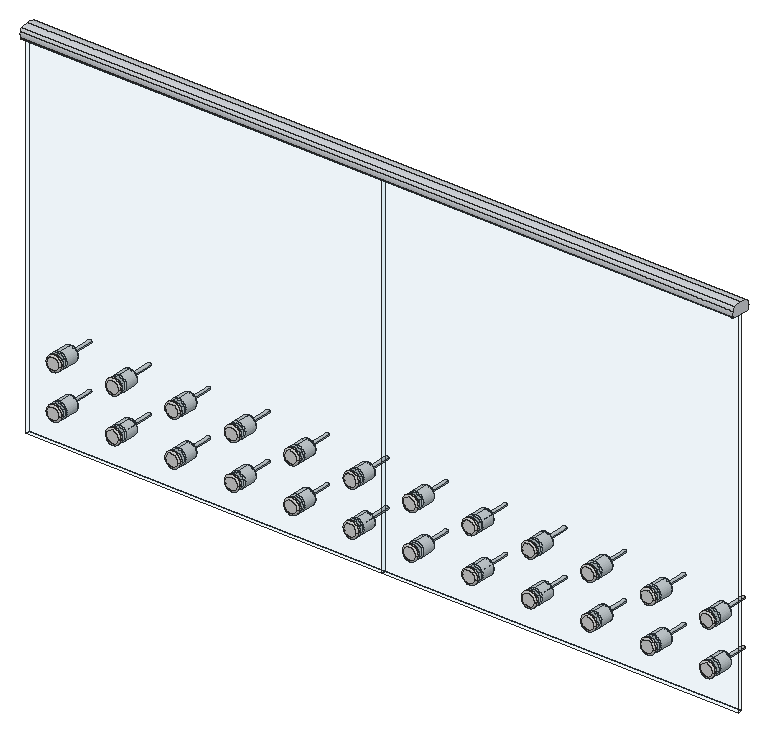
Revit family "ARENA POINTS", category Generic Models, Revit 2020
Family settings
  Can host rebar = No
  Round Connector Dimension = Use Diameter
  Part Type = Normal
  Work Plane-Based = No
  Always vertical = Yes
  Cut with Voids When Loaded = No
  Shared = No
  Room Calculation Point = No
Parameters (values of type "Arena (VRT Top rail)")
  hand rail height = 850 mm
  VRT(Side fix) = no
  VRT (Top rail) = yes
  VRR (Top rail) = no
  VRR (Side fix) = no
  VRE (Top rail) = no
  VRE (Side fix) = no
  URL = "WWW.UNEX.CO.NZ"
  Spacer Depth = 50 mm
  Panel Size = C2C / Panel QTY  # 1200 mm
  Panel QTY = roundup(C2C / Max Panel Size)  # 2
  PRR(Side fix) = no
  PRR (Top Rail) = no
  Model = "UNEX, ARENA POINTS SIDE FIX (VRT)"
  Max Panel Size = 1400 mm
  Manufacturer = "UNEX SYSTEMS"
  Length = 2500 mm
  LRS (Top rail) = no
  LRR ( Side fix Round hand rail) = no
  Keynote = "UNEX SYSTEMS, ARENA POINTS SIDE FIX BALUSTRADE"
  Hand rail space = Panel Size - 200 mm  # 1000 mm
  Hand rail brackets = no
  Hand rail QTY = Panel QTY  # 2
  Glass Thickness = 15 mm
  Glass Height = 1200 mm
  Fixing Height = 247.326 mm
  End gap = 50 mm
  Description = "UNEX ARENA POINTS FRAMELESS GLASS WITH VRT TOP RAIL"
  Default Elevation = 0 mm
  C2C = Length - End gap * 2  # 2400 mm
  Arena points total = Arena QTY per panel * Panel QTY  # 12
  Arena QTY per panel = Panel Size / 200 mm  # 6
  ART (side fix) = no
  ART (Top rail) = no
  ARN (Top rail) = no
  ARENA POINT GAP = 130 mm
Reference planes
  plane 1 "Center (Front/Back)": y = 0
  plane 2: z = 0
  plane 3 "Center (Left/Right)": x = 0
  plane 4: y = -15
  plane 5: z = 1200
  plane 6: x = 2450
  plane 7: y = 50
  plane 8: x = -50
  plane 9: x = 2400
  plane 10: x = 100
  plane 11: z = 100
  plane 12: z = 250
  plane 13: x = 1200
  plane 14: x = 2300
  plane 15: z = 1100
  plane 16: x = 1100
  plane 17: x = 1300
  plane 18: y = -7.5
  plane 19: y = 65.305
Forms (mm)
  Extrusion 1, solid, material "Glass"
    sketch origin (66.667, 0, 9.933) x (1, 0, 0) y (0, 0, 1)
      loop
        line (-66.667, 1190.067) -> (-66.667, -9.933) -> (1133.333, -9.933) -> (1133.333, 1190.067) -> (-66.667, 1190.067)
    from 0 to 15
  Extrusion 2, solid, not visible
    sketch origin (0, 0, 0) x (1, 0, 0) y (0, 0, 1)
      loop
        circle (100, 227.326) r 20
    from -50 to 35
  Extrusion 3, solid, material "Glass"
    sketch origin (1266.667, 0, 9.933) x (1, 0, 0) y (0, 0, 1)
      loop
        line (-66.667, 1190.067) -> (-66.667, -9.933) -> (1133.333, -9.933) -> (1133.333, 1190.067) -> (-66.667, 1190.067)
    from 0 to 15
Lines and regions (mm)
  reference lines, not visible
    curve 1: line (100, 0, 253.554) -> (100, 0, 213.554)
  reference lines
    curve 2: line (80, 0, 100) -> (120, 0, 100)
Dimensions and locks
  "Glass Thickness": plane 1 "Center (Front/Back)" to plane 4
  "Glass Height": plane 5 to level
  "Spacer Depth": plane 7 to plane 1 "Center (Front/Back)"
  "End gap": plane 3 "Center (Left/Right)" to plane 8
  "End gap": plane 6 to plane 9
  "Length": plane 6 to plane 8
  locked: Extrusion 1 to nested 1 at 100
  nested 1 to level = 250 mm
  nested 2 to level = 100 mm
  locked: Extrusion 1 to plane 10 at 100
  plane 11 to level = 100 mm
  plane 12 to level = 250 mm
  "Panel Size": plane 13 to plane 3 "Center (Left/Right)"
  equal spacing: group 2, group 4, group 5, group 6, group 7, group 8, group 9, group 10, group 11, group 22, group 23, group 3  (x3)
  locked: plane 9 to plane 14 at 100
  "Panel Size": Extrusion 1 sketch curve to Extrusion 1 sketch curve
  "Glass Height": Extrusion 1 sketch curve to Extrusion 1 sketch curve
  "Panel Size": Extrusion 3 sketch curve to Extrusion 3 sketch curve
  "Glass Height": Extrusion 3 sketch curve to Extrusion 3 sketch curve
  group 12 to group 13 = 1200 mm
  group 12 to group 13 = 0 mm  (x2)
  "hand rail height": plane 15 to plane 12
  locked: Extrusion 3 to plane 14 at 100
  "Hand rail space": plane 10 to plane 16
  "Hand rail space": plane 14 to plane 17
  group 14 to group 20 = 1200 mm
  group 14 to group 20 = 0 mm  (x2)
  group 19 to group 21 = 1200 mm
  group 19 to group 21 = 0 mm  (x2)
  locked: Extrusion 3 to nested 32 at 65
  aligned and locked: level to plane 2
  aligned and locked: plane 4 to Extrusion 1
  aligned and locked: plane 5 to Extrusion 1
  aligned and locked: Extrusion 1 to nested 1
  aligned and locked: Extrusion 1 to nested 2
  aligned and locked: curve 2 to plane 11
  aligned and locked: plane 12 to nested 1
  aligned and locked: plane 14 to nested 3
  aligned and locked: Extrusion 1 to plane 3 "Center (Left/Right)"
  aligned and locked: plane 9 to Extrusion 3
  aligned and locked: Extrusion 3 to level
  aligned and locked: plane 15 to nested 21
  aligned and locked: nested 21 to plane 10
  aligned and locked: nested 21 to plane 15
  aligned and locked: plane 15 to nested 25
  aligned and locked: plane 16 to nested 25
  aligned and locked: plane 15 to nested 26
  aligned and locked: plane 17 to nested 26
  aligned and locked: nested 27 to plane 14
  aligned and locked: plane 15 to nested 27
  aligned and locked: plane 3 "Center (Left/Right)" to nested 32
  aligned and locked: nested 32 to plane 9
  aligned and locked: nested 32 to plane 15
  aligned and locked: plane 3 "Center (Left/Right)" to nested 33
  aligned and locked: plane 9 to nested 33
  aligned and locked: nested 33 to plane 5
  aligned and locked: plane 18 to nested 33
  aligned and locked: plane 3 "Center (Left/Right)" to nested 34
  aligned and locked: plane 9 to nested 34
  aligned and locked: nested 34 to plane 18
  aligned and locked: nested 34 to plane 5
  aligned and locked: plane 3 "Center (Left/Right)" to nested 35
  aligned and locked: nested 35 to plane 5
  aligned and locked: plane 18 to nested 35
  aligned and locked: plane 9 to nested 35
  aligned and locked: plane 3 "Center (Left/Right)" to nested 36
  aligned and locked: nested 36 to plane 9
  aligned and locked: nested 36 to plane 18
  aligned and locked: nested 36 to Extrusion 1
  aligned and locked: nested 37 to plane 9
  aligned and locked: plane 3 "Center (Left/Right)" to nested 37
  aligned and locked: nested 37 to plane 5
  aligned and locked: nested 37 to plane 18
  aligned and locked: plane 3 "Center (Left/Right)" to nested 38
  aligned and locked: plane 9 to nested 38
  aligned and locked: plane 18 to nested 38
  aligned and locked: nested 38 to plane 5
  aligned and locked: nested 39 to plane 5
  aligned and locked: nested 39 to plane 18
  aligned and locked: plane 3 "Center (Left/Right)" to nested 39
  aligned and locked: nested 39 to plane 9
  aligned and locked: plane 3 "Center (Left/Right)" to nested 41
  aligned and locked: plane 9 to nested 41
  aligned and locked: nested 41 to plane 15
  aligned and locked: plane 3 "Center (Left/Right)" to nested 42
  aligned and locked: plane 9 to nested 42
  aligned and locked: nested 42 to plane 15
  aligned and locked: plane 19 to nested 42
  aligned and locked: plane 3 "Center (Left/Right)" to nested 43
  aligned and locked: nested 43 to plane 9
  aligned and locked: nested 43 to plane 19
  aligned and locked: nested 43 to plane 15
  aligned and locked: plane 3 "Center (Left/Right)" to nested 44
  aligned and locked: nested 44 to plane 9
  aligned and locked: nested 44 to plane 19
  aligned and locked: nested 44 to plane 15
  aligned and locked: plane 3 "Center (Left/Right)" to nested 45
  aligned and locked: plane 9 to nested 45
  aligned and locked: nested 45 to plane 15
  aligned and locked: plane 19 to nested 45
Automatic sketch dimensions
  plane 3 "Center (Left/Right)" to curve 2 = 80 mm
  curve 2 to curve 2 = 40 mm
  radius of Extrusion 2 sketch curve = 20 mm
Nested families
  nested 1: "ARENA POINT SS" at (100, -15, 50.465), type "ARENA POINT SS"
  nested 2: "ARENA POINT SS" at (100, -15, -99.535), type "ARENA POINT SS"
  nested 3: "ARENA POINT SS" at (2300, -15, 50.465), type "ARENA POINT SS"
  nested 4: "ARENA POINT SS" at (2300, -15, -99.535), type "ARENA POINT SS"
  nested 5: "ARENA POINT SS" at (300, -15, 50.465), type "ARENA POINT SS"
  nested 6: "ARENA POINT SS" at (300, -15, -99.535), type "ARENA POINT SS"
  nested 7: "ARENA POINT SS" at (500, -15, 50.465), type "ARENA POINT SS"
  nested 8: "ARENA POINT SS" at (500, -15, -99.535), type "ARENA POINT SS"
  nested 9: "ARENA POINT SS" at (700, -15, 50.465), type "ARENA POINT SS"
  nested 10: "ARENA POINT SS" at (700, -15, -99.535), type "ARENA POINT SS"
  nested 11: "ARENA POINT SS" at (900, -15, 50.465), type "ARENA POINT SS"
  nested 12: "ARENA POINT SS" at (900, -15, -99.535), type "ARENA POINT SS"
  nested 13: "ARENA POINT SS" at (1100, -15, 50.465), type "ARENA POINT SS"
  nested 14: "ARENA POINT SS" at (1100, -15, -99.535), type "ARENA POINT SS"
  nested 15: "ARENA POINT SS" at (1300, -15, 50.465), type "ARENA POINT SS"
  nested 16: "ARENA POINT SS" at (1300, -15, -99.535), type "ARENA POINT SS"
  nested 17: "ARENA POINT SS" at (1500, -15, 50.465), type "ARENA POINT SS"
  nested 18: "ARENA POINT SS" at (1500, -15, -99.535), type "ARENA POINT SS"
  nested 19: "ARENA POINT SS" at (1700, -15, 50.465), type "ARENA POINT SS"
  nested 20: "ARENA POINT SS" at (1700, -15, -99.535), type "ARENA POINT SS"
  nested 21: "Leader bracket glass" at (100, 0, 1026.448) x (0, -1, 0) z (0, 0, 1), visible <- "Hand rail brackets", type "Leader bracket glass"
    with Hand rail bracket no
  nested 22: "Leader bracket glass" at (2300, 0, 1026.448) x (0, -1, 0) z (0, 0, 1), visible <- "Hand rail brackets", type "Leader bracket glass", not visible
    with Hand rail bracket no
  nested 23: "Leader bracket glass" at (1100, 0, 1026.448) x (0, -1, 0) z (0, 0, 1), visible <- "Hand rail brackets", type "Leader bracket glass", not visible
    with Hand rail bracket no
  nested 24: "Leader bracket glass" at (100, 0, 1026.448) x (0, -1, 0) z (0, 0, 1), visible <- "Hand rail brackets", type "Leader bracket glass", not visible
    with Hand rail bracket no
  nested 25: "Leader bracket glass" at (1100, 0, 1026.448) x (0, -1, 0) z (0, 0, 1), visible <- "Hand rail brackets", type "Leader bracket glass"
    with Hand rail bracket no
  nested 26: "Leader bracket glass" at (1300, 0, 1026.448) x (0, -1, 0) z (0, 0, 1), visible <- "Hand rail brackets", type "Leader bracket glass"
    with Hand rail bracket no
  nested 27: "Leader bracket glass" at (2300, 0, 1026.448) x (0, -1, 0) z (0, 0, 1), visible <- "Hand rail brackets", type "Leader bracket glass"
    with Hand rail bracket no
  nested 28: "ARENA POINT SS" at (1900, -15, 50.465), type "ARENA POINT SS"
  nested 29: "ARENA POINT SS" at (1900, -15, -99.535), type "ARENA POINT SS"
  nested 30: "ARENA POINT SS" at (2100, -15, 50.465), type "ARENA POINT SS"
  nested 31: "ARENA POINT SS" at (2100, -15, -99.535), type "ARENA POINT SS"
  nested 32: "LLR Hand rail" at (0, 65, 82.792), visible <- "LRR ( Side fix Round hand rail)", type "LLR Hand rail"
    with Length 2400 mm, LLR (Round hand rail) no
  nested 33: "ARN for Arena points" at (0, -7.5, 1171.203), visible <- "ARN (Top rail)", type "ARN for Arena points"
    with Length 2400 mm, ARN Top Rail no
  nested 34: "ART TOP RAIL" at (0, -7.5, 1080), visible <- "ART (Top rail)", type "ART TOP RAIL"
    with Length 2400 mm, ART TOP RAIL no
  nested 35: "PRR TOP RAIL" at (0, -7.5, 1199.705), visible <- "PRR (Top Rail)", type "PRR TOP RAIL"
    with Length 2400 mm, PRR TOP RAIL no
  nested 36: "VRE TOP RAIL" at (0, -7.5, 1199.719) x (0, 1, 0) z (0, 0, 1), visible <- "VRE (Top rail)", type "VRE TOP RAIL"
    with Length 2400 mm, VRE TOP RAIL no
  nested 37: "VRR TOP RAIL" at (0, -7.5, 1187.559) x (0, 1, 0) z (0, 0, 1), visible <- "VRR (Top rail)", type "VRR TOP RAIL"
    with Length 2400 mm, VRR TOP RAIL no
  nested 38: "VRT TOP RAIL" at (0, -7.5, 1196.024), visible <- "VRT (Top rail)", type "VRT TOP RAIL"
    with Length 2400 mm
  nested 39: "LRS Hand rail" at (0, -7.5, 163.239), visible <- "LRS (Top rail)", type "LRS Hand rail"
    with Length 2400 mm, LLR (Round hand rail) no
  nested 40: "ART TOP RAIL" at (2800, -2955, 0), visible <- "ART (side fix)", type "ART TOP RAIL"
    with Length 500 mm, ART TOP RAIL no
  nested 41: "ART Side RAIL" at (0, 67.5, 980), visible <- "ART (side fix)", type "ART Side RAIL"
    with Length 2400 mm, ART TOP RAIL no
  nested 42: "PRR Side rail" at (0, 65.305, 1099.705), visible <- "PRR(Side fix)", type "PRR Side rail"
    with Length 2400 mm, PRR TOP RAIL no
  nested 43: "VRE SIDE RAIL" at (0, 65.305, 1099.719) x (0, 1, 0) z (0, 0, 1), visible <- "VRE (Side fix)", type "VRE SIDE RAIL"
    with Length 2400 mm, VRE TOP RAIL no
  nested 44: "VRR SIDE RAIL" at (0, 65.305, 1087.559) x (0, 1, 0) z (0, 0, 1), visible <- "VRR (Side fix)", type "VRR SIDE RAIL"
    with Length 2400 mm, VRR TOP RAIL no
  nested 45: "VRT SIDE RAIL" at (0, 65.305, 1096.024), visible <- "VRT(Side fix)", type "VRT SIDE RAIL"
    with Length 2400 mm, VRT TOP RAIL no
Definition of nested family "ARENA POINT SS"
  Parameters
    Spacer deepth = 50 mm
    Glass thickness = 15 mm
    Embedment = 80 mm
    Default Elevation = 0 mm
  Reference planes
    plane 1 "Center (Front/Back)": y = 0
    plane 2: z = 0
    plane 3 "Center (Left/Right)": x = 0
    plane 4 "FACE ARENA POINT": y = -10
    plane 5 "Back of glass": y = 15
    plane 6: z = 199.535
    plane 7: z = 249.535
    plane 8: z = 149.535
    plane 9 "MID": y = -8
    plane 10 "Back of Spacer": y = 65
    plane 11: y = 145
  Forms (mm)
    Extrusion 1, solid
      sketch origin (-435.11, 0, -32.471) x (1, 0, 0) y (0, 0, 1)
        loop
          circle (435.11, 232.005) r 25
      from 0 to 10
    Sweep 2, void
      path in 3D
        loop
          arc (25, -10, 199.535) -> (0, -10, 174.535) -> (-25, -10, 199.535) r 25
          arc (-25, -10, 199.535) -> (0, -10, 224.535) -> (25, -10, 199.535) r 25
      profile origin (0, -10, 224.535) x (0, 0, 1) y (0, -1, 0)
        loop
          line (0, 0) -> (-4.103, 0)
          arc (-4.103, 0) -> (-1.202, -1.202) -> (0, -4.103) r 4.103
          line (0, -4.103) -> (0, 0)
    Extrusion 3, solid
      sketch origin (0, 15, 0) x (0, 0, 1) y (-1, 0, 0)
        loop
          circle (199.028, 0) r 25.437
      from 0 to -50
    Sweep 4, void
      path in 3D
        loop
          arc (0, 15, 173.591) -> (-25.437, 15, 199.028) -> (0, 15, 224.465) r 25.437
          arc (0, 15, 224.465) -> (25.437, 15, 199.028) -> (0, 15, 173.591) r 25.437
      profile origin (25.437, 15, 199.028) x (0, -1, 0) y (1, 0, 0)
        loop
          line (0, 0) -> (-2.624, 0)
          arc (-2.624, 0) -> (-1.066, -0.812) -> (0, -2.209) r 4.046
          line (0, -2.209) -> (0, 0)
    Sweep 5, void
      path in 3D
        loop
          arc (0, 65, 173.591) -> (25.437, 65, 199.028) -> (0, 65, 224.465) r 25.437
          arc (0, 65, 224.465) -> (-25.437, 65, 199.028) -> (0, 65, 173.591) r 25.437
      profile origin (-25.437, 65, 199.028) x (0, 1, 0) y (-1, 0, 0)
        loop
          line (0, 0) -> (-4, 0)
          arc (-4, 0) -> (-1.172, -1.172) -> (0, -4) r 4
          line (0, -4) -> (0, 0)
    Extrusion 6, solid
      sketch origin (0, 0, 0) x (1, 0, 0) y (0, 0, 1)
        loop
          circle (0, 199.535) r 5
      from 0 to -145
  Cuts and joins
    Sweep 2 cuts Extrusion 1
    Sweep 4, Sweep 5 cuts Extrusion 3
  Lines and regions (mm)
    reference lines
      curve 1: line (0, 0, 249.535) -> (0, 0, 149.535)
      curve 2: line (-72.937, 0, 199.028) -> (27.063, 0, 199.028)
    sketch lines
      curve 3: arc (-25, -10, 199.535) -> (0, -10, 224.535) -> (25, -10, 199.535) r 25
      curve 4: arc (25, -10, 199.535) -> (0, -10, 174.535) -> (-25, -10, 199.535) r 25
      curve 5: arc (0, 15, 224.465) -> (25.437, 15, 199.028) -> (0, 15, 173.591) r 25.437
      curve 6: arc (0, 15, 173.591) -> (-25.437, 15, 199.028) -> (0, 15, 224.465) r 25.437
      curve 7: arc (0, 65, 224.465) -> (-25.437, 65, 199.028) -> (0, 65, 173.591) r 25.437
      curve 8: arc (0, 65, 173.591) -> (25.437, 65, 199.028) -> (0, 65, 224.465) r 25.437
  Dimensions and locks
    plane 1 "Center (Front/Back)" to plane 4 "FACE ARENA POINT" = 10 mm
    "Glass thickness": plane 5 "Back of glass" to plane 1 "Center (Front/Back)"
    cut or joined group of Extrusion 1, Sweep 2 to curve 2 = 25.506 mm
    curve 1 to cut or joined group of Extrusion 1, Sweep 2 = 25 mm
    "Spacer deepth": plane 10 "Back of Spacer" to plane 5 "Back of glass"
    "Embedment": plane 11 to plane 10 "Back of Spacer"
    aligned and locked: level to plane 2
    aligned and locked: plane 4 "FACE ARENA POINT" to Extrusion 1
    aligned and locked: Extrusion 1 to plane 1 "Center (Front/Back)"
    aligned and locked: Extrusion 3 to plane 10 "Back of Spacer"
    aligned and locked: Extrusion 6 to cut or joined group of Extrusion 1, Sweep 2
    aligned and locked: Extrusion 6 to plane 11
  Automatic sketch dimensions
    Extrusion 1 sketch curve to plane 3 "Center (Left/Right)" = 0 mm
    Extrusion 1 sketch curve to plane 6 = 0 mm
    curve 1 to plane 3 "Center (Left/Right)" = 0 mm
    curve 1 to plane 8 = 0 mm
    curve 1 to plane 7 = 0 mm
    curve 2 to plane 6 = 0.506 mm
    curve 2 to plane 3 "Center (Left/Right)" = 72.937 mm
    plane 3 "Center (Left/Right)" to curve 2 = 27.063 mm
    Sweep 2 sketch curve to profile plane = 0 mm
    profile plane to Sweep 2 sketch curve = 0 mm
    profile plane to Sweep 2 sketch curve = 4.103 mm
    Extrusion 3 sketch curve to plane 3 "Center (Left/Right)" = 0 mm
    Extrusion 3 sketch curve to plane 6 = 0.506 mm
    Sweep 4 sketch curve to profile plane = 0 mm
    profile plane to Sweep 4 sketch curve = 0 mm
    Sweep 4 sketch curve to profile plane = 3.672 mm
    profile plane to Sweep 4 sketch curve = 3.908 mm
    Sweep 4 sketch curve to profile plane = 2.624 mm
    Sweep 5 sketch curve to profile plane = 0 mm  (x2)
    profile plane to Sweep 5 sketch curve = 4 mm
    Extrusion 6 sketch curve to plane 3 "Center (Left/Right)" = 0 mm
    Extrusion 6 sketch curve to plane 6 = 0 mm
    radius of Extrusion 1 sketch curve = 25 mm
    radius of Extrusion 3 sketch curve = 25.437 mm
    radius of Extrusion 6 sketch curve = 5 mm
Definition of nested family "VRT TOP RAIL"
  Parameters (values of type "VRT TOP RAIL")
    VRT TOP RAIL = yes
    Length [instance] = 500 mm
    Default Elevation = 0 mm
  Reference planes
    plane 1 "Center (Front/Back)": y = 0
    plane 2: z = 0
    plane 3 "Center (Left/Right)": x = 0
    plane 4: x = 500
  Forms (mm)
    Extrusion 1, solid, visible <- "VRT TOP RAIL"
      sketch origin (0, 0, 0) x (0, 1, 0) y (0, 0, 1)
        loop
          arc (27.348, 36.161) -> (13.913, 40.274) -> (-0.09, 41.433) r 65.633
          arc (-0.09, 41.433) -> (-12.442, 39.949) -> (-24.291, 36.161) r 65.633
          arc (-24.291, 36.161) -> (-27.669, 31.422) -> (-29.647, 25.948) r 21.42
          arc (-29.647, 25.948) -> (-30.392, 16.537) -> (-28.667, 7.255) r 36.031
          arc (-28.667, 7.255) -> (-27.781, 5.058) -> (-25.673, 3.976) r 3.392
          line (-25.673, 3.976) -> (28.021, 3.976)
          arc (28.021, 3.976) -> (30.646, 5.01) -> (31.859, 7.557) r 3.847
          arc (31.859, 7.557) -> (33.314, 15.72) -> (33.016, 24.005) r 39.136
          arc (33.016, 24.005) -> (31.083, 30.503) -> (27.348, 36.161) r 23.118
      from 0 to 500
    Sweep 2, void
      path in 3D
        loop
          arc (500, -0.09, 41.433) -> (500, 13.913, 40.274) -> (500, 27.348, 36.161) r 65.633
          arc (500, 27.348, 36.161) -> (500, 31.083, 30.503) -> (500, 33.016, 24.005) r 23.118
          arc (500, 33.016, 24.005) -> (500, 33.314, 15.72) -> (500, 31.859, 7.557) r 39.136
          arc (500, 31.859, 7.557) -> (500, 30.646, 5.01) -> (500, 28.021, 3.976) r 3.847
          line (500, 28.021, 3.976) -> (500, -25.673, 3.976)
          arc (500, -25.673, 3.976) -> (500, -27.781, 5.058) -> (500, -28.667, 7.255) r 3.392
          arc (500, -28.667, 7.255) -> (500, -30.392, 16.537) -> (500, -29.647, 25.948) r 36.031
          arc (500, -29.647, 25.948) -> (500, -27.669, 31.422) -> (500, -24.291, 36.161) r 21.42
          arc (500, -24.291, 36.161) -> (500, -12.442, 39.949) -> (500, -0.09, 41.433) r 65.633
      profile origin (500, -12.442, 39.949) x (0, -0.212847, 0.977085) y (1, 0, 0)
        loop
          line (0, 0) -> (-2.5, 0)
          arc (-2.5, 0) -> (-0.732, -0.732) -> (0, -2.5) r 2.5
          line (0, -2.5) -> (0, 0)
  Lines and regions (mm)
    sketch lines
      curve 1: arc (500, -24.291, 36.161) -> (500, -12.442, 39.949) -> (500, -0.09, 41.433) r 65.633
      curve 2: arc (500, -0.09, 41.433) -> (500, 13.913, 40.274) -> (500, 27.348, 36.161) r 65.633
      curve 3: arc (500, 27.348, 36.161) -> (500, 31.083, 30.503) -> (500, 33.016, 24.005) r 23.118
      curve 4: arc (500, 33.016, 24.005) -> (500, 33.314, 15.72) -> (500, 31.859, 7.557) r 39.136
      curve 5: arc (500, 31.859, 7.557) -> (500, 30.646, 5.01) -> (500, 28.021, 3.976) r 3.847
      curve 6: line (500, -25.673, 3.976) -> (500, 28.021, 3.976)
      curve 7: arc (500, -25.673, 3.976) -> (500, -27.781, 5.058) -> (500, -28.667, 7.255) r 3.392
      curve 8: arc (500, -28.667, 7.255) -> (500, -30.392, 16.537) -> (500, -29.647, 25.948) r 36.031
      curve 9: arc (500, -29.647, 25.948) -> (500, -27.669, 31.422) -> (500, -24.291, 36.161) r 21.42
  Dimensions and locks
    "Length": plane 3 "Center (Left/Right)" to plane 4
    aligned and locked: level to plane 2
    aligned and locked: plane 4 to Extrusion 1
    aligned and locked: Extrusion 1 to plane 3 "Center (Left/Right)"
  Automatic sketch dimensions
    Extrusion 1 sketch curve to Extrusion 1 sketch curve = 0 mm  (x3)
    level to Extrusion 1 sketch curve = 3.976 mm
    plane 1 "Center (Front/Back)" to Extrusion 1 sketch curve = 25.673 mm
    Extrusion 1 sketch curve to Extrusion 1 sketch curve = 0.397 mm
    plane 1 "Center (Front/Back)" to Extrusion 1 sketch curve = 8.7 mm
    Extrusion 1 sketch curve to Extrusion 1 sketch curve = 2.974 mm
    Extrusion 1 sketch curve to plane 1 "Center (Front/Back)" = 1.528 mm
    Extrusion 1 sketch curve to plane 1 "Center (Front/Back)" = 5.59 mm
    Extrusion 1 sketch curve to Extrusion 1 sketch curve = 4.541 mm
    level to Extrusion 1 sketch curve = 7.823 mm
    Extrusion 1 sketch curve to Extrusion 1 sketch curve = 17.89 mm
    Extrusion 1 sketch curve to level = 24.18 mm
    Extrusion 1 sketch curve to Extrusion 1 sketch curve = 3.369 mm
    level to Extrusion 1 sketch curve = 18.422 mm
    Extrusion 1 sketch curve to Extrusion 1 sketch curve = 0.044 mm
    Extrusion 1 sketch curve to Extrusion 1 sketch curve = 2.311 mm
    Extrusion 1 sketch curve to Extrusion 1 sketch curve = 3.008 mm
    Extrusion 1 sketch curve to Extrusion 1 sketch curve = 3.391 mm
    Extrusion 1 sketch curve to Extrusion 1 sketch curve = 5.356 mm
    plane 1 "Center (Front/Back)" to Extrusion 1 sketch curve = 0.09 mm
    Extrusion 1 sketch curve to Extrusion 1 sketch curve = 17.217 mm
    Extrusion 1 sketch curve to Extrusion 1 sketch curve = 3.838 mm
    Sweep 2 sketch curve to profile plane = 0 mm  (x4)
    profile plane to Sweep 2 sketch curve = 2.5 mm
    Sweep 2 sketch curve to Sweep 2 sketch curve = 0 mm  (x2)
Definition of nested family "LLR Hand rail"
  Parameters (values of type "LLR Hand rail")
    Length [instance] = 760 mm
    LLR (Round hand rail) = yes
    Default Elevation = 0 mm
  Reference planes
    plane 1 "Center (Front/Back)": y = 0
    plane 2: z = 0
    plane 3 "Center (Left/Right)": x = 0
    plane 4: x = 760
  Forms (mm)
    Extrusion 1, solid, visible <- "LLR (Round hand rail)"
      sketch origin (0, 0, 0) x (0, 1, 0) y (0, 0, 1)
        loop
          arc (6.105, 1017.208) -> (0.196, 1060.4) -> (-5.713, 1017.208) r 22
          line (-5.713, 1017.208) -> (6.105, 1017.208)
      from 0 to 760
  Dimensions and locks
    "Length": plane 4 to plane 3 "Center (Left/Right)"
    aligned and locked: level to plane 2
    aligned and locked: Extrusion 1 to plane 4
  Automatic sketch dimensions
    Extrusion 1 sketch curve to plane 1 "Center (Front/Back)" = 0.196 mm
    level to Extrusion 1 sketch curve = 1038.4 mm
    plane 1 "Center (Front/Back)" to Extrusion 1 sketch curve = 5.713 mm
    Extrusion 1 sketch curve to Extrusion 1 sketch curve = 21.192 mm
Definition of nested family "ARN for Arena points"
  Parameters (values of type "ARN for Arena points")
    Length [instance] = 275 mm
    Default Elevation = 0 mm
    ARN Top Rail = yes
  Reference planes
    plane 1 "Center (Front/Back)": y = 0
    plane 2: z = 0
    plane 3 "Center (Left/Right)": x = 0
    plane 4 "Rear of ARN": x = 275
  Forms (mm)
    Extrusion 1, solid, visible <- "ARN Top Rail"
      sketch origin (0, 0, 102.077) x (0, -1, 0) y (0, 0, -1)
        loop
          line (15.698, 99.61) -> (12.306, 99.61)
          arc (12.306, 99.61) -> (11.535, 99.29) -> (11.216, 98.52) r 1.09
          line (11.216, 98.52) -> (11.216, 94.113)
          arc (11.216, 94.113) -> (11.69, 92.628) -> (12.937, 91.693) r 2.563
          line (12.937, 91.693) -> (15.624, 91.693)
          arc (15.624, 91.693) -> (15.879, 85.301) -> (15.624, 78.91) r 80.068
          arc (15.624, 78.91) -> (13.975, 74.929) -> (9.994, 73.28) r 5.63
          line (9.994, 73.28) -> (-0.234, 73.28) -> (-9.994, 73.28)
          arc (-9.994, 73.28) -> (-13.975, 74.929) -> (-15.624, 78.91) r 5.63
          arc (-15.624, 78.91) -> (-15.879, 85.301) -> (-15.624, 91.693) r 80.068
          line (-15.624, 91.693) -> (-12.937, 91.693)
          arc (-12.937, 91.693) -> (-11.69, 92.628) -> (-11.216, 94.113) r 2.563
          line (-11.216, 94.113) -> (-11.216, 98.52)
          arc (-11.216, 98.52) -> (-11.535, 99.29) -> (-12.306, 99.61) r 1.09
          line (-12.306, 99.61) -> (-15.698, 99.61)
          arc (-15.698, 99.61) -> (-17.79, 98.743) -> (-18.657, 96.65) r 2.96
          arc (-18.657, 96.65) -> (-19.427, 85.107) -> (-18.604, 73.567) r 84.017
          arc (-18.604, 73.567) -> (-17.056, 70.493) -> (-13.71, 69.686) r 4.094
          line (-13.71, 69.686) -> (0.097, 69.686) -> (13.71, 69.686)
          arc (13.71, 69.686) -> (17.056, 70.493) -> (18.604, 73.567) r 4.094
          arc (18.604, 73.567) -> (19.427, 85.107) -> (18.657, 96.65) r 84.017
          arc (18.657, 96.65) -> (17.79, 98.743) -> (15.698, 99.61) r 2.96
      from 0 to 275
    Extrusion 2, solid, visible <- "ARN Top Rail"
      sketch origin (0, 0, 32.39) x (0, -1, 0) y (0, 0, -1)
        loop
          arc (11.216, 30.022) -> (7.104, 31.809) -> (8.604, 27.584) r 2.444
          line (8.604, 27.584) -> (8.604, 19.457) -> (14.256, 19.457)
          arc (14.256, 19.457) -> (15.53, 20.731) -> (14.256, 22.005) r 1.274
          line (14.256, 22.005) -> (11.216, 22.005) -> (11.216, 30.022)
      from 0 to 275
    Extrusion 3, solid, visible <- "ARN Top Rail"
      sketch origin (0, 0, 32.39) x (0, 1, 0) y (0, 0, 1)
        loop
          line (11.216, -30.022) -> (11.216, -22.005) -> (14.256, -22.005)
          arc (14.256, -22.005) -> (15.53, -20.731) -> (14.256, -19.457) r 1.274
          line (14.256, -19.457) -> (8.604, -19.457) -> (8.604, -27.584)
          arc (8.604, -27.584) -> (7.104, -31.809) -> (11.216, -30.022) r 2.444
      from 0 to 275
    Extrusion 4, solid, visible <- "ARN Top Rail"
      sketch origin (0, 0, 32.39) x (0, -1, 0) y (0, 0, -1)
        loop
          arc (18.604, 3.879) -> (19.427, 15.419) -> (18.657, 26.962) r 84.017
          arc (18.657, 26.962) -> (17.79, 29.055) -> (15.698, 29.922) r 2.96
          line (15.698, 29.922) -> (-15.698, 29.922)
          arc (-15.698, 29.922) -> (-17.79, 29.055) -> (-18.657, 26.962) r 2.96
          arc (-18.657, 26.962) -> (-19.427, 15.419) -> (-18.604, 3.879) r 84.017
          arc (-18.604, 3.879) -> (-17.056, 0.805) -> (-13.71, -0.001) r 4.094
          line (-13.71, -0.001) -> (13.71, -0.001)
          arc (13.71, -0.001) -> (17.056, 0.805) -> (18.604, 3.879) r 4.094
      from 0 to -3
    Extrusion 5, solid, visible <- "ARN Top Rail"
      sketch origin (275, 0, 32.39) x (0, 0, -1) y (0, 1, 0)
        loop
          arc (29.922, 15.698) -> (29.055, 17.79) -> (26.962, 18.657) r 2.96
          arc (26.962, 18.657) -> (15.419, 19.427) -> (3.879, 18.604) r 84.017
          arc (3.879, 18.604) -> (0.805, 17.056) -> (-0.001, 13.71) r 4.094
          line (-0.001, 13.71) -> (-0.001, -15.316)
          arc (-0.001, -15.316) -> (1.366, -17.636) -> (3.879, -18.604) r 4.094
          arc (3.879, -18.604) -> (15.419, -19.427) -> (26.962, -18.657) r 84.017
          arc (26.962, -18.657) -> (29.055, -17.79) -> (29.922, -15.698) r 2.96
          line (29.922, -15.698) -> (29.922, 15.698)
      from 0 to 3
  Dimensions and locks
    "Length": plane 4 "Rear of ARN" to plane 3 "Center (Left/Right)"
    aligned and locked: level to plane 2
    aligned and locked: Extrusion 2 sketch curve to Extrusion 1  (x2)
    aligned and locked: Extrusion 3 to Extrusion 1  (x2)
    aligned and locked: plane 4 "Rear of ARN" to Extrusion 1
    aligned and locked: plane 4 "Rear of ARN" to Extrusion 3
    aligned and locked: plane 4 "Rear of ARN" to Extrusion 2
  Automatic sketch dimensions
    level to Extrusion 1 sketch curve = 16.779 mm
    Extrusion 1 sketch curve to plane 1 "Center (Front/Back)" = 64.59 mm
    Extrusion 1 sketch curve to Extrusion 1 sketch curve = 0.401 mm  (x2)
    level to Extrusion 1 sketch curve = 5.427 mm
    Extrusion 1 sketch curve to plane 1 "Center (Front/Back)" = 15.698 mm
    Extrusion 1 sketch curve to Extrusion 1 sketch curve = 0.074 mm
    Extrusion 1 sketch curve to plane 1 "Center (Front/Back)" = 14.513 mm
    Extrusion 1 sketch curve to Extrusion 1 sketch curve = 1.845 mm
    Extrusion 1 sketch curve to Extrusion 1 sketch curve = 0.842 mm  (x2)
    Extrusion 1 sketch curve to Extrusion 1 sketch curve = 3.392 mm  (x2)
    Extrusion 1 sketch curve to Extrusion 1 sketch curve = 1.09 mm  (x2)
    Extrusion 1 sketch curve to Extrusion 1 sketch curve = 4.519 mm  (x2)
    Extrusion 1 sketch curve to plane 1 "Center (Front/Back)" = 0.234 mm
    plane 1 "Center (Front/Back)" to Extrusion 1 sketch curve = 0.097 mm
    plane 1 "Center (Front/Back)" to Extrusion 1 sketch curve = 9.994 mm
    plane 1 "Center (Front/Back)" to Extrusion 1 sketch curve = 11.216 mm
    Extrusion 1 sketch curve to Extrusion 1 sketch curve = 1.721 mm
    Extrusion 1 sketch curve to Extrusion 1 sketch curve = 2.687 mm
    level to Extrusion 1 sketch curve = 16.776 mm
    Extrusion 1 sketch curve to Extrusion 1 sketch curve = 48.565 mm
    Extrusion 1 sketch curve to Extrusion 1 sketch curve = 0.002 mm  (x2)
    Extrusion 1 sketch curve to Extrusion 1 sketch curve = 17.74 mm
    Extrusion 1 sketch curve to Extrusion 1 sketch curve = 0 mm
    Extrusion 1 sketch curve to Extrusion 1 sketch curve = 5.21 mm  (x2)
    Extrusion 1 sketch curve to Extrusion 1 sketch curve = 0.42 mm
    Extrusion 1 sketch curve to Extrusion 1 sketch curve = 3.594 mm
    Extrusion 1 sketch curve to Extrusion 1 sketch curve = 2.537 mm
    level to Extrusion 1 sketch curve = 3.558 mm  (x2)
    Extrusion 1 sketch curve to Extrusion 1 sketch curve = 4.091 mm
    Extrusion 1 sketch curve to Extrusion 1 sketch curve = 0.803 mm
    Extrusion 2 sketch curve to Extrusion 2 sketch curve = 2.444 mm
    Extrusion 2 sketch curve to Extrusion 2 sketch curve = 2.612 mm
    Extrusion 2 sketch curve to Extrusion 2 sketch curve = 3.04 mm
    Extrusion 2 sketch curve to Extrusion 2 sketch curve = 1.274 mm
    level to Extrusion 2 sketch curve = 4.806 mm
    plane 1 "Center (Front/Back)" to Extrusion 3 sketch curve = 8.604 mm
    Extrusion 3 sketch curve to Extrusion 3 sketch curve = 0.168 mm
    Extrusion 3 sketch curve to Extrusion 3 sketch curve = 2.612 mm
    Extrusion 3 sketch curve to Extrusion 3 sketch curve = 3.04 mm
    Extrusion 3 sketch curve to level = 12.933 mm
    Extrusion 3 sketch curve to Extrusion 3 sketch curve = 1.274 mm
    Extrusion 3 sketch curve to level = 4.806 mm
    level to Extrusion 4 sketch curve = 16.779 mm  (x2)
    Extrusion 4 sketch curve to plane 1 "Center (Front/Back)" = 64.59 mm
    level to Extrusion 4 sketch curve = 2.468 mm
    Extrusion 4 sketch curve to plane 1 "Center (Front/Back)" = 15.698 mm
    Extrusion 4 sketch curve to plane 1 "Center (Front/Back)" = 14.513 mm
    Extrusion 4 sketch curve to Extrusion 4 sketch curve = 0.803 mm  (x2)
    plane 1 "Center (Front/Back)" to Extrusion 4 sketch curve = 13.71 mm
    level to Extrusion 4 sketch curve = 5.427 mm
    plane 1 "Center (Front/Back)" to Extrusion 4 sketch curve = 15.698 mm
    Extrusion 4 sketch curve to Extrusion 4 sketch curve = 45.933 mm
    Extrusion 4 sketch curve to Extrusion 4 sketch curve = 25.909 mm
    Extrusion 4 sketch curve to Extrusion 4 sketch curve = 22.95 mm
    Extrusion 4 sketch curve to Extrusion 4 sketch curve = 4.014 mm
    Extrusion 4 sketch curve to Extrusion 4 sketch curve = 2.96 mm
    plane 1 "Center (Front/Back)" to Extrusion 5 sketch curve = 15.316 mm
    level to Extrusion 5 sketch curve = 32.391 mm
    Extrusion 5 sketch curve to Extrusion 5 sketch curve = 4.014 mm  (x2)
    level to Extrusion 5 sketch curve = 16.779 mm  (x2)
    level to Extrusion 5 sketch curve = 5.427 mm  (x2)
    level to Extrusion 5 sketch curve = 2.468 mm
    plane 1 "Center (Front/Back)" to Extrusion 5 sketch curve = 15.698 mm
    Extrusion 5 sketch curve to Extrusion 5 sketch curve = 45.933 mm  (x2)
    Extrusion 5 sketch curve to Extrusion 5 sketch curve = 0.803 mm  (x2)
    Extrusion 5 sketch curve to plane 1 "Center (Front/Back)" = 13.71 mm
    Extrusion 5 sketch curve to plane 1 "Center (Front/Back)" = 15.698 mm
Definition of nested family "ART TOP RAIL"
  Parameters (values of type "ART TOP RAIL")
    Length [instance] = 500 mm
    Default Elevation = 0 mm
    ART TOP RAIL = yes
  Reference planes
    plane 1 "Center (Front/Back)": y = 0
    plane 2: z = 0
    plane 3 "Center (Left/Right)": x = 0
    plane 4: x = 500
  Forms (mm)
    Extrusion 1, solid, visible <- "ART TOP RAIL"
      sketch origin (0, 0, 96.171) x (0, 1, 0) y (0, 0, 1)
        loop
          arc (38.175, 37.309) -> (-2.586, 49.823) -> (-43.078, 36.466) r 70.267
          arc (-43.078, 36.466) -> (-44.561, 33.559) -> (-43.078, 30.652) r 3.59
          arc (-43.078, 30.652) -> (-36.808, 26.768) -> (-30.044, 23.829) r 51.019
          line (-30.044, 23.829) -> (25.48, 23.829)
          arc (25.48, 23.829) -> (32.062, 26.453) -> (38.175, 30.038) r 46.894
          arc (38.175, 30.038) -> (40.078, 33.674) -> (38.175, 37.309) r 4.423
      from 0 to 500
    Sweep 2, void
      path in 3D
        loop
          arc (500, 38.175, 133.48) -> (500, 40.078, 129.845) -> (500, 38.175, 126.209) r 4.423
          arc (500, 38.175, 126.209) -> (500, 32.062, 122.624) -> (500, 25.48, 120) r 46.894
          line (500, 25.48, 120) -> (500, -30.044, 120)
          arc (500, -30.044, 120) -> (500, -36.808, 122.939) -> (500, -43.078, 126.822) r 51.019
          arc (500, -43.078, 126.822) -> (500, -44.561, 129.729) -> (500, -43.078, 132.637) r 3.59
          arc (500, -43.078, 132.637) -> (500, -2.586, 145.994) -> (500, 38.175, 133.48) r 70.267
      profile origin (500, -2.586, 145.994) x (0, -0.01038, 0.999946) y (1, 0, 0)
        loop
          line (0, 0) -> (-1.984, 0)
          arc (-1.984, 0) -> (-0.581, -0.581) -> (0, -1.984) r 1.984
          line (0, -1.984) -> (0, 0)
    Sweep 3, void
      path in 3D
        loop
          arc (0, -43.078, 132.637) -> (0, -44.561, 129.729) -> (0, -43.078, 126.822) r 3.59
          arc (0, -43.078, 126.822) -> (0, -36.808, 122.939) -> (0, -30.044, 120) r 51.019
          line (0, -30.044, 120) -> (0, 25.48, 120)
          arc (0, 25.48, 120) -> (0, 32.062, 122.624) -> (0, 38.175, 126.209) r 46.894
          arc (0, 38.175, 126.209) -> (0, 40.078, 129.845) -> (0, 38.175, 133.48) r 4.423
          arc (0, 38.175, 133.48) -> (0, -2.586, 145.994) -> (0, -43.078, 132.637) r 70.267
      profile origin (0, -2.586, 145.994) x (0, -0.01038, 0.999946) y (-1, 0, 0)
        loop
          line (0, 0) -> (-2, 0)
          arc (-2, 0) -> (-0.586, -0.586) -> (0, -2) r 2
          line (0, -2) -> (0, 0)
  Cuts and joins
    Sweep 2, Sweep 3 cuts Extrusion 1
  Lines and regions (mm)
    sketch lines
      curve 1: arc (500, -43.078, 132.637) -> (500, -2.586, 145.994) -> (500, 38.175, 133.48) r 70.267
      curve 2: arc (500, -43.078, 126.822) -> (500, -44.561, 129.729) -> (500, -43.078, 132.637) r 3.59
      curve 3: arc (500, -30.044, 120) -> (500, -36.808, 122.939) -> (500, -43.078, 126.822) r 51.019
      curve 4: line (500, -30.044, 120) -> (500, 25.48, 120)
      curve 5: arc (500, 38.175, 126.209) -> (500, 32.062, 122.624) -> (500, 25.48, 120) r 46.894
      curve 6: arc (500, 38.175, 133.48) -> (500, 40.078, 129.845) -> (500, 38.175, 126.209) r 4.423
      curve 7: arc (0, 38.175, 133.48) -> (0, -2.586, 145.994) -> (0, -43.078, 132.637) r 70.267
      curve 8: arc (0, -43.078, 132.637) -> (0, -44.561, 129.729) -> (0, -43.078, 126.822) r 3.59
      curve 9: arc (0, -43.078, 126.822) -> (0, -36.808, 122.939) -> (0, -30.044, 120) r 51.019
      curve 10: line (0, 25.48, 120) -> (0, -30.044, 120)
      curve 11: arc (0, 25.48, 120) -> (0, 32.062, 122.624) -> (0, 38.175, 126.209) r 46.894
      curve 12: arc (0, 38.175, 126.209) -> (0, 40.078, 129.845) -> (0, 38.175, 133.48) r 4.423
  Dimensions and locks
    "Length": plane 3 "Center (Left/Right)" to plane 4
    aligned and locked: level to plane 2
    aligned and locked: plane 4 to Extrusion 1
    aligned and locked: Extrusion 1 to plane 3 "Center (Left/Right)"
  Automatic sketch dimensions
    plane 1 "Center (Front/Back)" to Extrusion 1 sketch curve = 40.972 mm
    Extrusion 1 sketch curve to Extrusion 1 sketch curve = 10.928 mm
    plane 1 "Center (Front/Back)" to Extrusion 1 sketch curve = 13.148 mm
    plane 1 "Center (Front/Back)" to Extrusion 1 sketch curve = 1.856 mm
    Extrusion 1 sketch curve to plane 1 "Center (Front/Back)" = 11.459 mm
    Extrusion 1 sketch curve to plane 1 "Center (Front/Back)" = 25.48 mm
    Extrusion 1 sketch curve to Extrusion 1 sketch curve = 10.175 mm
    level to Extrusion 1 sketch curve = 75.731 mm
    level to Extrusion 1 sketch curve = 120 mm
    Extrusion 1 sketch curve to Extrusion 1 sketch curve = 9.729 mm
    Extrusion 1 sketch curve to Extrusion 1 sketch curve = 9.845 mm
    Extrusion 1 sketch curve to Extrusion 1 sketch curve = 34.904 mm
    Extrusion 1 sketch curve to Extrusion 1 sketch curve = 3.391 mm
    Extrusion 1 sketch curve to Extrusion 1 sketch curve = 2.106 mm
    Extrusion 1 sketch curve to Extrusion 1 sketch curve = 0 mm  (x2)
    Sweep 2 sketch curve to profile plane = 0 mm  (x4)
    Sweep 2 sketch curve to Sweep 2 sketch curve = 1.984 mm
    Sweep 2 sketch curve to Sweep 2 sketch curve = 0 mm  (x2)
    Sweep 3 sketch curve to profile plane = 0 mm  (x2)
    profile plane to Sweep 3 sketch curve = 0 mm  (x2)
    Sweep 3 sketch curve to Sweep 3 sketch curve = 2 mm
    Sweep 3 sketch curve to Sweep 3 sketch curve = 0 mm  (x2)
Definition of nested family "PRR TOP RAIL"
  Parameters (values of type "PRR TOP RAIL")
    PRR TOP RAIL = yes
    Length [instance] = 1500 mm
    Default Elevation = 0 mm
  Reference planes
    plane 1 "Center (Front/Back)": y = 0
    plane 2: z = 0
    plane 3 "Center (Left/Right)": x = 0
    plane 4: x = 1500
  Forms (mm)
    Extrusion 1, solid, visible <- "PRR TOP RAIL"
      sketch origin (0, 0.231, 0) x (0, 1, 0) y (0, 0, 1)
        loop
          line (32.009, 24.295) -> (-31.981, 24.295)
          arc (-31.981, 24.295) -> (-33.391, 23.713) -> (-33.981, 22.305) r 2
          line (-33.981, 22.305) -> (-33.981, 2.295)
          arc (-33.981, 2.295) -> (-33.391, 0.877) -> (-31.97, 0.295) r 2
          line (-31.97, 0.295) -> (32.009, 0.295)
          arc (32.009, 0.295) -> (33.43, 0.884) -> (34.019, 2.305) r 2.011
          line (34.019, 2.305) -> (34.019, 22.305)
          arc (34.019, 22.305) -> (33.429, 23.72) -> (32.009, 24.295) r 1.99
      from 0 to 1500
  Dimensions and locks
    "Length": plane 3 "Center (Left/Right)" to plane 4
    Extrusion 1 to plane 1 "Center (Front/Back)" = 34.25 mm
    locked: plane 1 "Center (Front/Back)" to Extrusion 1 at 33.75
    aligned and locked: level to plane 2
    aligned and locked: plane 4 to Extrusion 1
  Automatic sketch dimensions
    level to Extrusion 1 sketch curve = 2.295 mm
    plane 1 "Center (Front/Back)" to Extrusion 1 sketch curve = 33.75 mm
    Extrusion 1 sketch curve to Extrusion 1 sketch curve = 2 mm  (x2)
    level to Extrusion 1 sketch curve = 0.295 mm
    Extrusion 1 sketch curve to plane 1 "Center (Front/Back)" = 32.239 mm
    Extrusion 1 sketch curve to Extrusion 1 sketch curve = 0 mm
    Extrusion 1 sketch curve to Extrusion 1 sketch curve = 0.021 mm
    Extrusion 1 sketch curve to Extrusion 1 sketch curve = 2.011 mm
    Extrusion 1 sketch curve to Extrusion 1 sketch curve = 20 mm  (x2)
Definition of nested family "VRR TOP RAIL"
  Parameters (values of type "VRR TOP RAIL")
    VRR TOP RAIL = yes
    Length [instance] = 301.459 mm
    Default Elevation = 0 mm
  Reference planes
    plane 1 "Center (Front/Back)": y = 0
    plane 2: z = 0
    plane 3 "Center (Left/Right)": x = 0
    plane 4: y = -301.459
  Forms (mm)
    Extrusion 1, solid, visible <- "VRR TOP RAIL"
      sketch origin (0, 0, 0) x (1, 0, 0) y (0, 0, 1)
        loop
          arc (-28.711, 42.472) -> (-30.125, 41.887) -> (-30.711, 40.472) r 2
          line (-30.711, 40.472) -> (-30.711, 14.446)
          arc (-30.711, 14.446) -> (-30.124, 13.028) -> (-28.705, 12.441) r 2.006
          line (-28.705, 12.441) -> (31.289, 12.441)
          arc (31.289, 12.441) -> (32.703, 13.026) -> (33.289, 14.441) r 2
          line (33.289, 14.441) -> (33.289, 40.472)
          arc (33.289, 40.472) -> (32.703, 41.887) -> (31.289, 42.472) r 2
          line (31.289, 42.472) -> (-28.711, 42.472)
      from 0 to 301.459
  Dimensions and locks
    "Length": plane 4 to plane 1 "Center (Front/Back)"
    aligned and locked: level to plane 2
    aligned and locked: Extrusion 1 to plane 4
    aligned and locked: Extrusion 1 to plane 1 "Center (Front/Back)"
  Automatic sketch dimensions
    Extrusion 1 sketch curve to plane 3 "Center (Left/Right)" = 30.711 mm
    Extrusion 1 sketch curve to Extrusion 1 sketch curve = 2 mm  (x2)
    Extrusion 1 sketch curve to Extrusion 1 sketch curve = 2.006 mm
    plane 3 "Center (Left/Right)" to Extrusion 1 sketch curve = 31.289 mm
    level to Extrusion 1 sketch curve = 12.441 mm
    Extrusion 1 sketch curve to Extrusion 1 sketch curve = 0 mm
    Extrusion 1 sketch curve to Extrusion 1 sketch curve = 26.026 mm
Definition of nested family "LRS Hand rail"
  Parameters (values of type "LRS Hand rail")
    Length [instance] = 760 mm
    LLR (Round hand rail) = yes
    Default Elevation = 0 mm
  Reference planes
    plane 1 "Center (Front/Back)": y = 0
    plane 2: z = 0
    plane 3 "Center (Left/Right)": x = 0
    plane 4: x = 760
  Forms (mm)
    Extrusion 1, solid, visible <- "LLR (Round hand rail)"
      sketch origin (0, 0, 0) x (0, 1, 0) y (0, 0, 1)
        loop
          arc (7.665, 1017.727) -> (0.165, 1060.388) -> (-7.335, 1017.727) r 21.99
          line (-7.335, 1017.727) -> (-7.335, 1036.761) -> (7.665, 1036.761) -> (7.665, 1017.727)
      from 0 to 760
  Dimensions and locks
    "Length": plane 4 to plane 3 "Center (Left/Right)"
    aligned and locked: level to plane 2
    aligned and locked: Extrusion 1 to plane 4
  Automatic sketch dimensions
    Extrusion 1 sketch curve to plane 1 "Center (Front/Back)" = 0.165 mm
    level to Extrusion 1 sketch curve = 1017.727 mm
    Extrusion 1 sketch curve to Extrusion 1 sketch curve = 19.034 mm
    Extrusion 1 sketch curve to Extrusion 1 sketch curve = 1.637 mm
    plane 1 "Center (Front/Back)" to Extrusion 1 sketch curve = 7.335 mm
    Extrusion 1 sketch curve to plane 1 "Center (Front/Back)" = 7.665 mm
Definition of nested family "ART Side RAIL"
  Parameters (values of type "ART Side RAIL")
    Length [instance] = 500 mm
    Default Elevation = 0 mm
    ART TOP RAIL = yes
  Reference planes
    plane 1 "Center (Front/Back)": y = 0
    plane 2: z = 0
    plane 3 "Center (Left/Right)": x = 0
    plane 4: x = 500
  Forms (mm)
    Extrusion 1, solid, visible <- "ART TOP RAIL"
      sketch origin (0, 0, 96.171) x (0, 1, 0) y (0, 0, 1)
        loop
          arc (38.175, 37.309) -> (-2.586, 49.823) -> (-43.078, 36.466) r 70.267
          arc (-43.078, 36.466) -> (-44.561, 33.559) -> (-43.078, 30.652) r 3.59
          arc (-43.078, 30.652) -> (-36.808, 26.768) -> (-30.044, 23.829) r 51.019
          line (-30.044, 23.829) -> (25.48, 23.829)
          arc (25.48, 23.829) -> (32.062, 26.453) -> (38.175, 30.038) r 46.894
          arc (38.175, 30.038) -> (40.078, 33.674) -> (38.175, 37.309) r 4.423
      from 0 to 500
    Sweep 2, void
      path in 3D
        loop
          arc (500, 38.175, 133.48) -> (500, 40.078, 129.845) -> (500, 38.175, 126.209) r 4.423
          arc (500, 38.175, 126.209) -> (500, 32.062, 122.624) -> (500, 25.48, 120) r 46.894
          line (500, 25.48, 120) -> (500, -30.044, 120)
          arc (500, -30.044, 120) -> (500, -36.808, 122.939) -> (500, -43.078, 126.822) r 51.019
          arc (500, -43.078, 126.822) -> (500, -44.561, 129.729) -> (500, -43.078, 132.637) r 3.59
          arc (500, -43.078, 132.637) -> (500, -2.586, 145.994) -> (500, 38.175, 133.48) r 70.267
      profile origin (500, -2.586, 145.994) x (0, -0.01038, 0.999946) y (1, 0, 0)
        loop
          line (0, 0) -> (-1.984, 0)
          arc (-1.984, 0) -> (-0.581, -0.581) -> (0, -1.984) r 1.984
          line (0, -1.984) -> (0, 0)
    Sweep 3, void
      path in 3D
        loop
          arc (0, -43.078, 132.637) -> (0, -44.561, 129.729) -> (0, -43.078, 126.822) r 3.59
          arc (0, -43.078, 126.822) -> (0, -36.808, 122.939) -> (0, -30.044, 120) r 51.019
          line (0, -30.044, 120) -> (0, 25.48, 120)
          arc (0, 25.48, 120) -> (0, 32.062, 122.624) -> (0, 38.175, 126.209) r 46.894
          arc (0, 38.175, 126.209) -> (0, 40.078, 129.845) -> (0, 38.175, 133.48) r 4.423
          arc (0, 38.175, 133.48) -> (0, -2.586, 145.994) -> (0, -43.078, 132.637) r 70.267
      profile origin (0, -2.586, 145.994) x (0, -0.01038, 0.999946) y (-1, 0, 0)
        loop
          line (0, 0) -> (-2, 0)
          arc (-2, 0) -> (-0.586, -0.586) -> (0, -2) r 2
          line (0, -2) -> (0, 0)
  Cuts and joins
    Sweep 2, Sweep 3 cuts Extrusion 1
  Lines and regions (mm)
    sketch lines
      curve 1: arc (500, -43.078, 132.637) -> (500, -2.586, 145.994) -> (500, 38.175, 133.48) r 70.267
      curve 2: arc (500, -43.078, 126.822) -> (500, -44.561, 129.729) -> (500, -43.078, 132.637) r 3.59
      curve 3: arc (500, -30.044, 120) -> (500, -36.808, 122.939) -> (500, -43.078, 126.822) r 51.019
      curve 4: line (500, -30.044, 120) -> (500, 25.48, 120)
      curve 5: arc (500, 38.175, 126.209) -> (500, 32.062, 122.624) -> (500, 25.48, 120) r 46.894
      curve 6: arc (500, 38.175, 133.48) -> (500, 40.078, 129.845) -> (500, 38.175, 126.209) r 4.423
      curve 7: arc (0, 38.175, 133.48) -> (0, -2.586, 145.994) -> (0, -43.078, 132.637) r 70.267
      curve 8: arc (0, -43.078, 132.637) -> (0, -44.561, 129.729) -> (0, -43.078, 126.822) r 3.59
      curve 9: arc (0, -43.078, 126.822) -> (0, -36.808, 122.939) -> (0, -30.044, 120) r 51.019
      curve 10: line (0, 25.48, 120) -> (0, -30.044, 120)
      curve 11: arc (0, 25.48, 120) -> (0, 32.062, 122.624) -> (0, 38.175, 126.209) r 46.894
      curve 12: arc (0, 38.175, 126.209) -> (0, 40.078, 129.845) -> (0, 38.175, 133.48) r 4.423
  Dimensions and locks
    "Length": plane 3 "Center (Left/Right)" to plane 4
    aligned and locked: level to plane 2
    aligned and locked: plane 4 to Extrusion 1
    aligned and locked: Extrusion 1 to plane 3 "Center (Left/Right)"
  Automatic sketch dimensions
    plane 1 "Center (Front/Back)" to Extrusion 1 sketch curve = 40.972 mm
    Extrusion 1 sketch curve to Extrusion 1 sketch curve = 10.928 mm
    plane 1 "Center (Front/Back)" to Extrusion 1 sketch curve = 13.148 mm
    plane 1 "Center (Front/Back)" to Extrusion 1 sketch curve = 1.856 mm
    Extrusion 1 sketch curve to plane 1 "Center (Front/Back)" = 11.459 mm
    Extrusion 1 sketch curve to plane 1 "Center (Front/Back)" = 25.48 mm
    Extrusion 1 sketch curve to Extrusion 1 sketch curve = 10.175 mm
    level to Extrusion 1 sketch curve = 75.731 mm
    level to Extrusion 1 sketch curve = 120 mm
    Extrusion 1 sketch curve to Extrusion 1 sketch curve = 9.729 mm
    Extrusion 1 sketch curve to Extrusion 1 sketch curve = 9.845 mm
    Extrusion 1 sketch curve to Extrusion 1 sketch curve = 34.904 mm
    Extrusion 1 sketch curve to Extrusion 1 sketch curve = 3.391 mm
    Extrusion 1 sketch curve to Extrusion 1 sketch curve = 2.106 mm
    Extrusion 1 sketch curve to Extrusion 1 sketch curve = 0 mm  (x2)
    Sweep 2 sketch curve to profile plane = 0 mm  (x4)
    Sweep 2 sketch curve to Sweep 2 sketch curve = 1.984 mm
    Sweep 2 sketch curve to Sweep 2 sketch curve = 0 mm  (x2)
    Sweep 3 sketch curve to profile plane = 0 mm  (x2)
    profile plane to Sweep 3 sketch curve = 0 mm  (x2)
    Sweep 3 sketch curve to Sweep 3 sketch curve = 2 mm
    Sweep 3 sketch curve to Sweep 3 sketch curve = 0 mm  (x2)
Definition of nested family "PRR Side rail"
  Parameters (values of type "PRR Side rail")
    PRR TOP RAIL = yes
    Length [instance] = 1500 mm
    Default Elevation = 0 mm
  Reference planes
    plane 1 "Center (Front/Back)": y = 0
    plane 2: z = 0
    plane 3 "Center (Left/Right)": x = 0
    plane 4: x = 1500
  Forms (mm)
    Extrusion 1, solid, visible <- "PRR TOP RAIL"
      sketch origin (0, 0.231, 0) x (0, 1, 0) y (0, 0, 1)
        loop
          line (32.009, 24.295) -> (-31.981, 24.295)
          arc (-31.981, 24.295) -> (-33.391, 23.713) -> (-33.981, 22.305) r 2
          line (-33.981, 22.305) -> (-33.981, 2.295)
          arc (-33.981, 2.295) -> (-33.391, 0.877) -> (-31.97, 0.295) r 2
          line (-31.97, 0.295) -> (32.009, 0.295)
          arc (32.009, 0.295) -> (33.43, 0.884) -> (34.019, 2.305) r 2.011
          line (34.019, 2.305) -> (34.019, 22.305)
          arc (34.019, 22.305) -> (33.429, 23.72) -> (32.009, 24.295) r 1.99
      from 0 to 1500
  Dimensions and locks
    "Length": plane 3 "Center (Left/Right)" to plane 4
    Extrusion 1 to plane 1 "Center (Front/Back)" = 34.25 mm
    locked: plane 1 "Center (Front/Back)" to Extrusion 1 at 33.75
    aligned and locked: level to plane 2
    aligned and locked: plane 4 to Extrusion 1
  Automatic sketch dimensions
    level to Extrusion 1 sketch curve = 2.295 mm
    plane 1 "Center (Front/Back)" to Extrusion 1 sketch curve = 33.75 mm
    Extrusion 1 sketch curve to Extrusion 1 sketch curve = 2 mm  (x2)
    level to Extrusion 1 sketch curve = 0.295 mm
    Extrusion 1 sketch curve to plane 1 "Center (Front/Back)" = 32.239 mm
    Extrusion 1 sketch curve to Extrusion 1 sketch curve = 0 mm
    Extrusion 1 sketch curve to Extrusion 1 sketch curve = 0.021 mm
    Extrusion 1 sketch curve to Extrusion 1 sketch curve = 2.011 mm
    Extrusion 1 sketch curve to Extrusion 1 sketch curve = 20 mm  (x2)
Definition of nested family "VRR SIDE RAIL"
  Parameters (values of type "VRR SIDE RAIL")
    VRR TOP RAIL = yes
    Length [instance] = 301.459 mm
    Default Elevation = 0 mm
  Reference planes
    plane 1 "Center (Front/Back)": y = 0
    plane 2: z = 0
    plane 3 "Center (Left/Right)": x = 0
    plane 4: y = -301.459
  Forms (mm)
    Extrusion 1, solid, visible <- "VRR TOP RAIL"
      sketch origin (0, 0, 0) x (1, 0, 0) y (0, 0, 1)
        loop
          arc (-28.711, 42.472) -> (-30.125, 41.887) -> (-30.711, 40.472) r 2
          line (-30.711, 40.472) -> (-30.711, 14.446)
          arc (-30.711, 14.446) -> (-30.124, 13.028) -> (-28.705, 12.441) r 2.006
          line (-28.705, 12.441) -> (31.289, 12.441)
          arc (31.289, 12.441) -> (32.703, 13.026) -> (33.289, 14.441) r 2
          line (33.289, 14.441) -> (33.289, 40.472)
          arc (33.289, 40.472) -> (32.703, 41.887) -> (31.289, 42.472) r 2
          line (31.289, 42.472) -> (-28.711, 42.472)
      from 0 to 301.459
  Dimensions and locks
    "Length": plane 4 to plane 1 "Center (Front/Back)"
    aligned and locked: level to plane 2
    aligned and locked: Extrusion 1 to plane 4
    aligned and locked: Extrusion 1 to plane 1 "Center (Front/Back)"
  Automatic sketch dimensions
    Extrusion 1 sketch curve to plane 3 "Center (Left/Right)" = 30.711 mm
    Extrusion 1 sketch curve to Extrusion 1 sketch curve = 2 mm  (x2)
    Extrusion 1 sketch curve to Extrusion 1 sketch curve = 2.006 mm
    plane 3 "Center (Left/Right)" to Extrusion 1 sketch curve = 31.289 mm
    level to Extrusion 1 sketch curve = 12.441 mm
    Extrusion 1 sketch curve to Extrusion 1 sketch curve = 0 mm
    Extrusion 1 sketch curve to Extrusion 1 sketch curve = 26.026 mm
Definition of nested family "VRT SIDE RAIL"
  Parameters (values of type "VRT SIDE RAIL")
    VRT TOP RAIL = yes
    Length [instance] = 500 mm
    Default Elevation = 0 mm
  Reference planes
    plane 1 "Center (Front/Back)": y = 0
    plane 2: z = 0
    plane 3 "Center (Left/Right)": x = 0
    plane 4: x = 500
  Forms (mm)
    Extrusion 1, solid, visible <- "VRT TOP RAIL"
      sketch origin (0, 0, 0) x (0, 1, 0) y (0, 0, 1)
        loop
          arc (27.348, 36.161) -> (13.913, 40.274) -> (-0.09, 41.433) r 65.633
          arc (-0.09, 41.433) -> (-12.442, 39.949) -> (-24.291, 36.161) r 65.633
          arc (-24.291, 36.161) -> (-27.669, 31.422) -> (-29.647, 25.948) r 21.42
          arc (-29.647, 25.948) -> (-30.392, 16.537) -> (-28.667, 7.255) r 36.031
          arc (-28.667, 7.255) -> (-27.781, 5.058) -> (-25.673, 3.976) r 3.392
          line (-25.673, 3.976) -> (28.021, 3.976)
          arc (28.021, 3.976) -> (30.646, 5.01) -> (31.859, 7.557) r 3.847
          arc (31.859, 7.557) -> (33.314, 15.72) -> (33.016, 24.005) r 39.136
          arc (33.016, 24.005) -> (31.083, 30.503) -> (27.348, 36.161) r 23.118
      from 0 to 500
    Sweep 2, void
      path in 3D
        loop
          arc (500, -0.09, 41.433) -> (500, 13.913, 40.274) -> (500, 27.348, 36.161) r 65.633
          arc (500, 27.348, 36.161) -> (500, 31.083, 30.503) -> (500, 33.016, 24.005) r 23.118
          arc (500, 33.016, 24.005) -> (500, 33.314, 15.72) -> (500, 31.859, 7.557) r 39.136
          arc (500, 31.859, 7.557) -> (500, 30.646, 5.01) -> (500, 28.021, 3.976) r 3.847
          line (500, 28.021, 3.976) -> (500, -25.673, 3.976)
          arc (500, -25.673, 3.976) -> (500, -27.781, 5.058) -> (500, -28.667, 7.255) r 3.392
          arc (500, -28.667, 7.255) -> (500, -30.392, 16.537) -> (500, -29.647, 25.948) r 36.031
          arc (500, -29.647, 25.948) -> (500, -27.669, 31.422) -> (500, -24.291, 36.161) r 21.42
          arc (500, -24.291, 36.161) -> (500, -12.442, 39.949) -> (500, -0.09, 41.433) r 65.633
      profile origin (500, -12.442, 39.949) x (0, -0.212847, 0.977085) y (1, 0, 0)
        loop
          line (0, 0) -> (-2.5, 0)
          arc (-2.5, 0) -> (-0.732, -0.732) -> (0, -2.5) r 2.5
          line (0, -2.5) -> (0, 0)
  Lines and regions (mm)
    sketch lines
      curve 1: arc (500, -24.291, 36.161) -> (500, -12.442, 39.949) -> (500, -0.09, 41.433) r 65.633
      curve 2: arc (500, -0.09, 41.433) -> (500, 13.913, 40.274) -> (500, 27.348, 36.161) r 65.633
      curve 3: arc (500, 27.348, 36.161) -> (500, 31.083, 30.503) -> (500, 33.016, 24.005) r 23.118
      curve 4: arc (500, 33.016, 24.005) -> (500, 33.314, 15.72) -> (500, 31.859, 7.557) r 39.136
      curve 5: arc (500, 31.859, 7.557) -> (500, 30.646, 5.01) -> (500, 28.021, 3.976) r 3.847
      curve 6: line (500, -25.673, 3.976) -> (500, 28.021, 3.976)
      curve 7: arc (500, -25.673, 3.976) -> (500, -27.781, 5.058) -> (500, -28.667, 7.255) r 3.392
      curve 8: arc (500, -28.667, 7.255) -> (500, -30.392, 16.537) -> (500, -29.647, 25.948) r 36.031
      curve 9: arc (500, -29.647, 25.948) -> (500, -27.669, 31.422) -> (500, -24.291, 36.161) r 21.42
  Dimensions and locks
    "Length": plane 3 "Center (Left/Right)" to plane 4
    aligned and locked: level to plane 2
    aligned and locked: plane 4 to Extrusion 1
    aligned and locked: Extrusion 1 to plane 3 "Center (Left/Right)"
  Automatic sketch dimensions
    Extrusion 1 sketch curve to Extrusion 1 sketch curve = 0 mm  (x3)
    level to Extrusion 1 sketch curve = 3.976 mm
    plane 1 "Center (Front/Back)" to Extrusion 1 sketch curve = 25.673 mm
    Extrusion 1 sketch curve to Extrusion 1 sketch curve = 0.397 mm
    plane 1 "Center (Front/Back)" to Extrusion 1 sketch curve = 8.7 mm
    Extrusion 1 sketch curve to Extrusion 1 sketch curve = 2.974 mm
    Extrusion 1 sketch curve to plane 1 "Center (Front/Back)" = 1.528 mm
    Extrusion 1 sketch curve to plane 1 "Center (Front/Back)" = 5.59 mm
    Extrusion 1 sketch curve to Extrusion 1 sketch curve = 4.541 mm
    level to Extrusion 1 sketch curve = 7.823 mm
    Extrusion 1 sketch curve to Extrusion 1 sketch curve = 17.89 mm
    Extrusion 1 sketch curve to level = 24.18 mm
    Extrusion 1 sketch curve to Extrusion 1 sketch curve = 3.369 mm
    level to Extrusion 1 sketch curve = 18.422 mm
